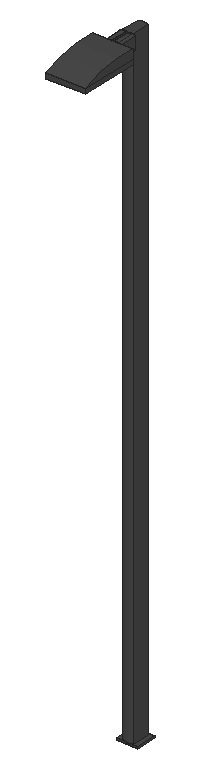
Revit family "VPS", category Lighting Fixtures, host Face, Revit 2014 (continued)
Definition of nested family "Head"
  Automatic sketch dimensions
    Extrusion 4 sketch curve to plane 3 "Center (Left/Right)" = 0.37156"  (x2)
    plane 8 to Extrusion 4 sketch curve = 0.00235"
    Extrusion 4 sketch curve to Extrusion 4 sketch curve = 0.06307"  (x2)
    plane 3 "Center (Left/Right)" to Extrusion 4 sketch curve = 0.2077"  (x2)
    Extrusion 4 sketch curve to Extrusion 4 sketch curve = 0.05176"  (x2)
    plane 8 to Extrusion 4 sketch curve = 0.00901"
    Extrusion 4 sketch curve to plane 7 = 0.12437"
    Extrusion 4 sketch curve to plane 8 = 0.36662"
    Extrusion 4 sketch curve to Extrusion 4 sketch curve = 0.500"
    Extrusion 4 sketch curve to plane 8 = 0.206"
    Extrusion 4 sketch curve to Extrusion 4 sketch curve = 0.27142"
    plane 3 "Center (Left/Right)" to Extrusion 4 sketch curve = 0.38383"
    Extrusion 4 sketch curve to Extrusion 4 sketch curve = 0.13103"
    Extrusion 4 sketch curve to Extrusion 4 sketch curve = 0.12437"
    Extrusion 4 sketch curve to Extrusion 4 sketch curve = 1.19159"
    Extrusion 5 sketch curve to plane 3 "Center (Left/Right)" = 0.000"  (x6)
    Extrusion 5 sketch curve to Extrusion 5 sketch curve = 0.67605"  (x6)
    Extrusion 5 sketch curve to plane 3 "Center (Left/Right)" = 0.67605"  (x2)
    Extrusion 5 sketch curve to Extrusion 5 sketch curve = 0.750"  (x48)
    plane 3 "Center (Left/Right)" to Extrusion 5 sketch curve = 0.67605"  (x4)
    Extrusion 5 sketch curve to plane 13 = 1.2096"  (x2)
    Extrusion 5 sketch curve to Extrusion 5 sketch curve = 0.000"  (x55)
    Extrusion 5 sketch curve to Extrusion 5 sketch curve = 0.250"  (x66)
    Extrusion 5 sketch curve to Extrusion 5 sketch curve = 1.250"  (x7)
    Extrusion 1 sketch curve to plane 9 = 0.000"
    plane 10 to Extrusion 1 sketch curve = 0.000"
    Extrusion 1 sketch curve to plane 11 = 0.000"
    Extrusion 1 sketch curve to plane 14 = 0.000"
    Extrusion 1 sketch curve to plane 4 = 0.000"
    Extrusion 1 sketch curve to plane 13 = 2.03263"
    Extrusion 3 sketch curve to plane 13 = 2.03263"
    plane 15 to Extrusion 3 sketch curve = 0.000"
    Extrusion 3 sketch curve to plane 16 = 0.000"
    Extrusion 3 sketch curve to plane 14 = 0.000"
    plane 13 to Extrusion 5 sketch curve = 0.2904"
    Extrusion 5 sketch curve to plane 14 = 0.9596"
